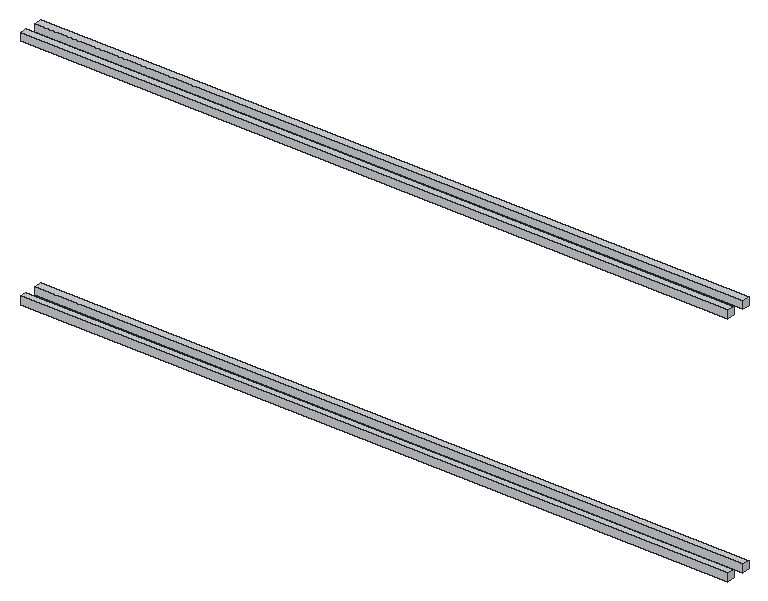
Revit family "M_Padrão do montante_1x3", category Modelos genéricos, Revit 2019
Family settings
  Pode hospedar o vergalhão = Não
  Cota do conector redondo = Utilizar diâmetro
  Tipo de parte = Normal
  Com base no plano de trabalho = Não
  Sempre na vertical = Sim
  Corte com vazios quando carregada = Não
  Compartilhado = Sim
  Ponto de cálculo do ambiente = Não
Parameters
  Largura [instance] = 1200 mm
  Espessura = 12.7 mm
  Altura [instance] = 1200 mm
  Material interior [instance] = none
  Material externo [instance] = none
  Distância = 19.05 mm
Reference planes
  plane 1 "Centro (Frente/Trás)": y = 0
  plane 2: z = 0
  plane 3 "Centro (Esquerda/Direita)": x = 0
  plane 4: z = 1200
  plane 5: x = -600
  plane 6: x = 600
  plane 7: z = 600
  plane 8 "a": y = 9.525
  plane 9 "b": y = -9.525
  plane 10: y = 22.225
  plane 11: y = -22.225
  plane 12: z = 800
  plane 13: z = 400
  plane 14: z = 806.35
  plane 15: z = 793.65
  plane 16: z = 406.35
  plane 17: z = 393.65
Forms (mm)
  Extrusion 1, solid, material <- "Material externo", detail levels fine
    sketch origin (0, 9.525, 0) x (-1, 0, 0) y (0, 0, 1)
      loop
        line (600, 806.35) -> (-600, 806.35) -> (-600, 793.65) -> (600, 793.65) -> (600, 806.35)
      loop
        line (600, 406.35) -> (-600, 406.35) -> (-600, 393.65) -> (600, 393.65) -> (600, 406.35)
    from 0 to 12.7
  Extrusion 2, solid, material <- "Material interior", detail levels fine
    sketch origin (0, -9.525, 0) x (-1, 0, 0) y (0, 0, 1)
      loop
        line (-600, 406.35) -> (-600, 393.65) -> (600, 393.65) -> (600, 406.35) -> (-600, 406.35)
      loop
        line (-600, 806.35) -> (-600, 793.65) -> (600, 793.65) -> (600, 806.35) -> (-600, 806.35)
    from 0 to -12.7
Lines and regions (mm)
  model lines, detail levels medium
    curve 1: line (-600, 9.525, 800) -> (600, 9.525, 800)
    curve 2: line (-600, 9.525, 400) -> (600, 9.525, 400)
    curve 3: line (-600, -9.525, 800) -> (600, -9.525, 800)
    curve 4: line (-600, -9.525, 400) -> (600, -9.525, 400)
Dimensions and locks
  equal spacing: plane 6, plane 3 "Centro (Esquerda/Direita)", plane 5
  "Largura": plane 6 to plane 5
  "Altura": plane 4 to plane 2
  equal spacing: plane 4, plane 7, plane 2
  equal spacing: plane 8 "a", plane 1 "Centro (Frente/Trás)", plane 9 "b"
  "Distância": plane 8 "a" to plane 9 "b"
  "Espessura": plane 10 to plane 8 "a"
  "Espessura": plane 9 "b" to plane 11
  equal spacing: plane 4, plane 12, plane 13, level
  equal spacing: plane 15, plane 12, plane 14
  equal spacing: plane 17, plane 13, plane 16
  locked: plane 14 to plane 15 at 12.7
  locked: plane 16 to plane 17 at 12.7
  aligned and locked: plane 2 to level
  aligned and locked: Extrusion 1 sketch curve to plane 5  (x2)
  aligned and locked: Extrusion 1 sketch curve to plane 6  (x2)
  aligned and locked: plane 10 to Extrusion 1
  aligned and locked: Extrusion 1 to plane 8 "a"
  aligned and locked: curve 1 to plane 12
  aligned and locked: curve 2 to plane 13
  aligned and locked: plane 6 to curve 2
  aligned and locked: plane 12 to curve 1
  aligned and locked: plane 5 to curve 1
  aligned and locked: plane 5 to curve 2
  aligned and locked: Extrusion 2 sketch curve to Extrusion 1  (x8)
  aligned and locked: Extrusion 2 to plane 9 "b"  (x2)
  aligned and locked: Extrusion 2 to plane 11
  aligned and locked: plane 11 to Extrusion 2
  aligned and locked: curve 3 to plane 12
  aligned and locked: plane 6 to curve 3
  aligned and locked: plane 5 to curve 3
  aligned and locked: plane 6 to curve 4
  aligned and locked: plane 5 to curve 4
  aligned and locked: curve 4 to plane 13
  aligned and locked: Extrusion 1 sketch curve to plane 14
  aligned and locked: Extrusion 1 sketch curve to plane 15
  aligned and locked: Extrusion 1 sketch curve to plane 16
  aligned and locked: Extrusion 1 sketch curve to plane 17
Automatic sketch dimensions
  curve 1 to plane 6 = 0 mm
